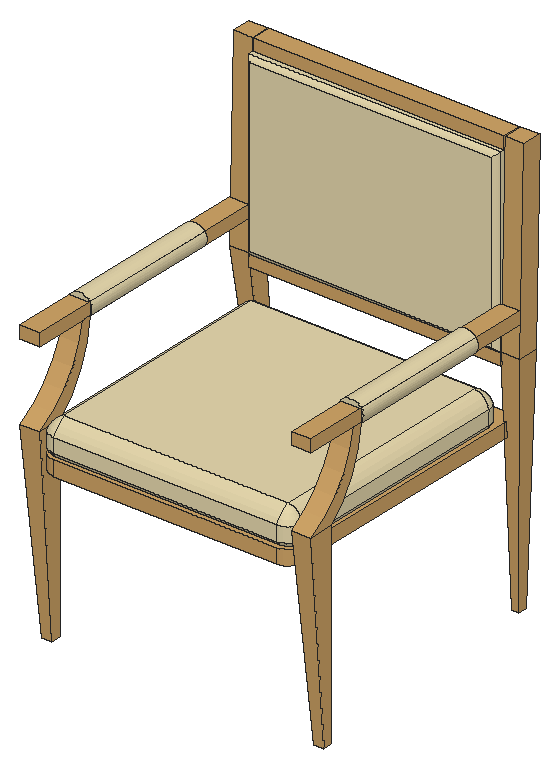
Revit family
Parameters (values of type "600x590x910mm")
  Manufacturer = ""
  Model = ""
  지지 재료 = 목재 - 티크, 폭, 약함
  다리 재료 = 목재 - 티크, 길이, 약함
  손잡이 재료 = 목재 - 티크, 길이, 약함
  프레임 재료 = 목재 - 티크, 폭, 약함
  쿠션 재료 = 직물(60)
Reference planes
  plane 1 "중심(앞/뒤)": y = 0
  plane 2: z = 0
  plane 3 "중심(왼쪽/오른쪽)": x = 0
  plane 4: y = 295
  plane 5: x = -300
  plane 6: x = 300
  plane 7: y = -295
  plane 8: z = 900
  plane 9: z = 440
  plane 10: z = 370
  plane 11: z = 340
  plane 12: z = 875
  plane 13: z = 480
  plane 14: z = 505
  plane 15: x = -260
  plane 16: x = 260
  plane 17: y = 235
  plane 18: y = 285
  plane 19: y = 245
  plane 20: z = 570
  plane 21: z = 595
Forms (mm)
  Extrusion 1, solid, material "직물(60)" <- "쿠션 재료"
    sketch origin (0, 0, 0) x (1, 0, 0) y (0, 1, 0)
      loop
        arc (-230, 245) -> (-251.213, 236.213) -> (-260, 215) r 30
        line (-260, 215) -> (-260, -265)
        arc (-260, -265) -> (-251.213, -286.213) -> (-230, -295) r 30
        line (-230, -295) -> (230, -295)
        arc (230, -295) -> (251.213, -286.213) -> (260, -265) r 30
        line (260, -265) -> (260, 215)
        arc (260, 215) -> (251.213, 236.213) -> (230, 245) r 30
        line (230, 245) -> (-230, 245)
    from 370 to 440
  Extrusion 2, solid, material "목재 - 티크, 길이, 약함" <- "다리 재료"
    sketch origin (0, 0, 0) x (0, 1, 0) y (0, 0, -1)
      loop
        line (295, -900) -> (285, -505) -> (245, -505) -> (255, -900) -> (295, -900)
    from 260 to 300
  Blend 3, solid, material "목재 - 티크, 길이, 약함" <- "다리 재료"
    base sketch origin (0, 0, 0) x (1, 0, 0) y (0, 1, 0)
      loop
        line (-258.544, 311.592) -> (-258.544, 295) -> (-242.941, 295) -> (-242.941, 311.592) -> (-258.544, 311.592)
    top sketch origin (0, 0, 0) x (1, 0, 0) y (0, 1, 0)
      loop
        line (-300, 285) -> (-300, 245) -> (-260, 245) -> (-260, 285) -> (-300, 285)
    from 0 to 505
  Extrusion 4, solid, material "목재 - 티크, 폭, 약함" <- "프레임 재료"
    sketch origin (0, 0, 0) x (1, 0, 0) y (0, 0, 1)
      loop
        line (-260, 505) -> (-260, 480) -> (260, 480) -> (260, 505) -> (-260, 505)
    from -285 to -245
  Extrusion 5, solid, material "목재 - 티크, 폭, 약함" <- "프레임 재료"
    sketch origin (0, 0, 395) x (1, 0, 0) y (0, 0, 1)
      loop
        line (-260, 505) -> (-260, 480) -> (260, 480) -> (260, 505) -> (-260, 505)
    from -295 to -254.401
  Extrusion 6, solid, material "목재 - 티크, 길이, 약함" <- "손잡이 재료"
    sketch origin (0, 0, 0) x (0, 1, 0) y (0, 0, 1)
      loop
        line (245, 595) -> (-295, 595) -> (-295, 570) -> (245, 570) -> (245, 595)
    from 260 to 300
  Extrusion 7, solid, material "목재 - 티크, 길이, 약함" <- "손잡이 재료"
    sketch origin (0, 0, 0) x (0, 1, 0) y (0, 0, -1)
      loop
        line (245, -595) -> (245, -570) -> (-295, -570) -> (-295, -595) -> (245, -595)
    from 260 to 300
  Extrusion 8, solid, material "직물(60)" <- "쿠션 재료"
    sketch origin (0, 0, 0) x (1, 0, 0) y (0, 0, 1)
      loop
        line (-300, 595) -> (-300, 570) -> (-260, 570) -> (-260, 595) -> (-300, 595)
      loop
        arc (-300.981, 595.875) -> (-305.077, 582.528) -> (-300.981, 569.182) r 23.793
        arc (-300.981, 569.182) -> (-279.939, 560.243) -> (-258.897, 569.182) r 29.236
        arc (-258.897, 569.182) -> (-254.82, 582.528) -> (-258.897, 595.875) r 23.887
        arc (-258.897, 595.875) -> (-279.939, 605.711) -> (-300.981, 595.875) r 27.425
    from -129.909 to 165.708
  Extrusion 9, solid, material "직물(60)" <- "쿠션 재료"
    sketch origin (0, 0, 0) x (-1, 0, 0) y (0, 0, -1)
      loop
        line (-300, -595) -> (-260, -595) -> (-260, -570) -> (-300, -570) -> (-300, -595)
      loop
        arc (-300.981, -595.875) -> (-279.939, -605.711) -> (-258.897, -595.875) r 27.425
        arc (-258.897, -595.875) -> (-254.82, -582.528) -> (-258.897, -569.182) r 23.887
        arc (-258.897, -569.182) -> (-279.939, -560.243) -> (-300.981, -569.182) r 29.236
        arc (-300.981, -569.182) -> (-305.077, -582.528) -> (-300.981, -595.875) r 23.793
    from -129.909 to 165.708
  Extrusion 10, solid, material "직물(60)" <- "쿠션 재료"
    sketch origin (0, 0, 0) x (1, 0, 0) y (0, 0, 1)
      loop
        line (-260, 875) -> (-260, 505) -> (260, 505) -> (260, 875) -> (-260, 875)
    from -295 to -235
  Sweep 11, void
    path origin (0, 0, 0) x (1, 0, 0) y (0, 0, 1)
      loop
        line (260, 875) -> (-260, 875) -> (-260, 505) -> (260, 505) -> (260, 875)
    profile origin (0, 0, 0) x (0, 0, -1) y (0, -1, 0)
      loop
        line (-875, -235) -> (-875, -244.697)
        arc (-875, -244.697) -> (-871.042, -238.958) -> (-865.303, -235) r 19.304
        line (-865.303, -235) -> (-875, -235)
      loop
        line (-875, -295) -> (-865.303, -295)
        arc (-865.303, -295) -> (-871.042, -291.042) -> (-875, -285.303) r 19.304
        line (-875, -285.303) -> (-875, -295)
  Blend 12, solid, material "목재 - 티크, 길이, 약함" <- "다리 재료"
    base sketch origin (0, 0, 0) x (-1, 0, 0) y (0, -1, 0)
      loop
        line (-258.544, -311.592) -> (-242.941, -311.592) -> (-242.941, -295) -> (-258.544, -295) -> (-258.544, -311.592)
    top sketch origin (0, 0, 0) x (-1, 0, 0) y (0, -1, 0)
      loop
        line (-300, -285) -> (-260, -285) -> (-260, -245) -> (-300, -245) -> (-300, -285)
    from 0 to 505
  Sweep 13, void
    path origin (0, 0, 0) x (1, 0, 0) y (0, 1, 0)
      loop
        line (-230, -295) -> (230, -295)
        arc (230, -295) -> (251.213, -286.213) -> (260, -265) r 30
        line (260, -265) -> (260, 215)
        arc (260, 215) -> (251.213, 236.213) -> (230, 245) r 30
        line (230, 245) -> (-230, 245)
        arc (-230, 245) -> (-251.213, 236.213) -> (-260, 215) r 30
        line (-260, 215) -> (-260, -265)
        arc (-260, -265) -> (-251.213, -286.213) -> (-230, -295) r 30
    profile origin (0, 0, 0) x (0, 1, 0) y (0, 0, 1)
      loop
        arc (-295.343, 410.343) -> (-283.542, 428.542) -> (-265.343, 440.343) r 51.992
        line (-265.343, 440.343) -> (-295.343, 440.343) -> (-295.343, 410.343)
  Sweep 14, void
    path origin (0, 0, 0) x (1, 0, 0) y (0, 1, 0)
      loop
        line (-230, -295) -> (230, -295)
        arc (230, -295) -> (251.213, -286.213) -> (260, -265) r 30
        line (260, -265) -> (260, 215)
        arc (260, 215) -> (251.213, 236.213) -> (230, 245) r 30
        line (230, 245) -> (-230, 245)
        arc (-230, 245) -> (-251.213, 236.213) -> (-260, 215) r 30
        line (-260, 215) -> (-260, -265)
        arc (-260, -265) -> (-251.213, -286.213) -> (-230, -295) r 30
    profile origin (0, 0, 0) x (0, 1, 0) y (0, 0, 1)
      loop
        line (-295, 381.292) -> (-295, 370) -> (-283.708, 370)
        arc (-283.708, 370) -> (-290.292, 374.708) -> (-295, 381.292) r 24.693
  Extrusion 15, solid, material "목재 - 티크, 폭, 약함" <- "지지 재료"
    sketch origin (0, 0, 740) x (0, -1, 0) y (1, 0, 0)
      loop
        arc (-285, -230) -> (-276.213, -251.213) -> (-255, -260) r 30
        line (-255, -260) -> (265, -260)
        arc (265, -260) -> (286.213, -251.213) -> (295, -230) r 30
        line (295, -230) -> (295, 230)
        arc (295, 230) -> (286.213, 251.213) -> (265, 260) r 30
        line (265, 260) -> (-255, 260)
        arc (-255, 260) -> (-276.213, 251.213) -> (-285, 230) r 30
        line (-285, 230) -> (-285, -230)
    from -400 to -370
  Extrusion 16, solid, material "목재 - 티크, 길이, 약함" <- "다리 재료"
    sketch origin (0, 0, 0) x (0, 1, 0) y (0, 0, -1)
      loop
        arc (-165.708, -569.182) -> (-189.453, -482.992) -> (-242.753, -411.217) r 243.054
        line (-242.753, -411.217) -> (-295, -411.217)
        arc (-295, -411.217) -> (-221.41, -477.706) -> (-183.089, -569.182) r 227.571
        line (-183.089, -569.182) -> (-165.708, -569.182)
    from 260 to 300
  Extrusion 17, solid, material "목재 - 티크, 길이, 약함" <- "다리 재료"
    sketch origin (0, 0, 0) x (0, 1, 0) y (0, 0, 1)
      loop
        line (-165.708, 569.182) -> (-183.089, 569.182)
        arc (-183.089, 569.182) -> (-221.41, 477.706) -> (-295, 411.217) r 227.571
        line (-295, 411.217) -> (-242.753, 411.217)
        arc (-242.753, 411.217) -> (-189.453, 482.992) -> (-165.708, 569.182) r 243.054
    from 260 to 300
  Blend 18, solid, material "목재 - 티크, 길이, 약함" <- "다리 재료"
    base sketch origin (0, 0, 0) x (1, 0, 0) y (0, 1, 0)
      loop
        line (-290.286, -230.318) -> (-290.286, -250.318) -> (-270.286, -250.318) -> (-270.286, -230.318) -> (-290.286, -230.318)
    top sketch origin (0, 0, 0) x (1, 0, 0) y (0, 1, 0)
      loop
        line (-300, -242.753) -> (-300, -295) -> (-260, -295) -> (-260, -242.753) -> (-300, -242.753)
    from 0 to 411.217
  Blend 19, solid, material "목재 - 티크, 길이, 약함" <- "다리 재료"
    base sketch origin (0, 0, 0) x (-1, 0, 0) y (0, -1, 0)
      loop
        line (-290.286, 230.318) -> (-270.286, 230.318) -> (-270.286, 250.318) -> (-290.286, 250.318) -> (-290.286, 230.318)
    top sketch origin (0, 0, 0) x (-1, 0, 0) y (0, -1, 0)
      loop
        line (-300, 242.753) -> (-260, 242.753) -> (-260, 295) -> (-300, 295) -> (-300, 242.753)
    from 0 to 411.217
  Extrusion 20, solid, material "목재 - 티크, 길이, 약함" <- "다리 재료"
    sketch origin (0, 0, 0) x (0, 1, 0) y (0, 0, 1)
      loop
        line (295, 900) -> (255, 900) -> (245, 505) -> (285, 505) -> (295, 900)
    from 260 to 300
Cuts and joins
  Sweep 11, Sweep 13, Sweep 14 cuts Extrusion 1
  Sweep 11, Sweep 13, Sweep 14 cuts Extrusion 2
  Sweep 11, Sweep 13, Sweep 14 cuts Blend 3
  Sweep 11, Sweep 13, Sweep 14 cuts Extrusion 4
  Sweep 11, Sweep 13, Sweep 14 cuts Extrusion 5
  Sweep 11, Sweep 13, Sweep 14 cuts Extrusion 6
  Sweep 11, Sweep 13, Sweep 14 cuts Extrusion 7
  Sweep 11, Sweep 13, Sweep 14 cuts Extrusion 8
  Sweep 11, Sweep 13, Sweep 14 cuts Extrusion 9
  Sweep 11, Sweep 13, Sweep 14 cuts Extrusion 10
  Sweep 13, Sweep 14 cuts Blend 12
Dimensions and locks
  aligned and locked: Sweep 11 sketch curve to cut or joined group of Extrusion 10, Sweep 11, Sweep 13, Sweep 14  (x4)
